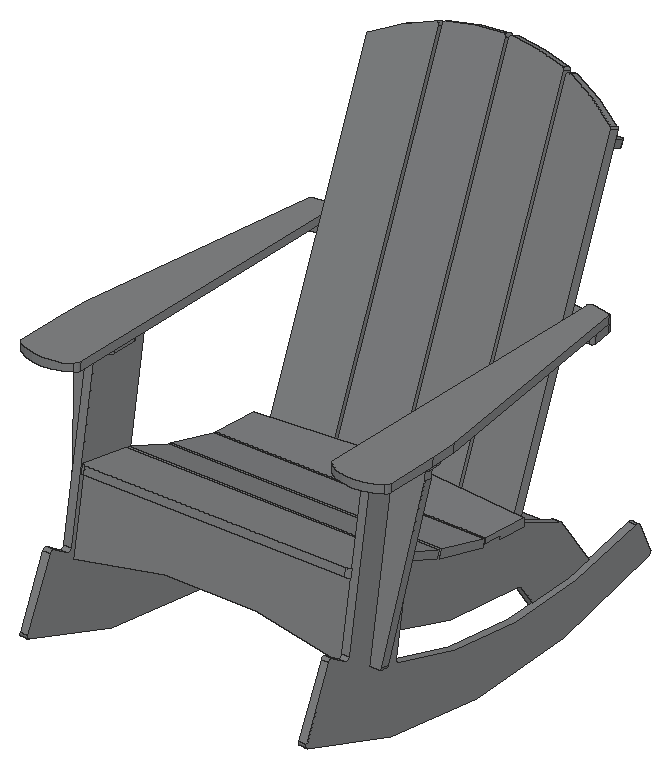
Revit family "Lollygagger Adirondack 4 Slat Curve Rocker", category Furniture, Revit 2016
Family settings
  OmniClass Number = 23.40.20.00
  OmniClass Title = General Furniture and Specialties
  Work Plane-Based = No
  Always vertical = Yes
  Cut with Voids When Loaded = No
  Shared = No
  Room Calculation Point = No
Parameters (values of type "Loll-Charcoal")
  Width = 35 195/256"  # constant formula
  URL = "https://lolldesigns.com/"
  Type Image = adirondack_4slat_curve_rocker.jpg
  Thick = 5/8"  # constant formula
  Model = ""
  Manufacturer = "Loll"  # constant formula
  Length = 30"  # constant formula
  Height Arm = 22 73/128"  # constant formula
  Finish Material = Loll-Charcoal
Reference planes (in)
  plane 1 "Center Front/Back": y = 0
  plane 2: z = 0
  plane 3 "Center Left/Right": x = 0
  plane 4: x = 15
  plane 5: x = -15
  plane 6: y = 17.37188
  plane 7: y = -18.38983
  plane 8: x = 11.625
  plane 9: x = -11.625
  plane 10: z = 22.57031
  plane 11: z = 21.94531
  plane 12: x = -11
  plane 13: x = 11
  plane 14: y = -15.06058
  plane 15: z = 21.32031
Forms (in)
  Extrusion 1, solid, material "Loll-Charcoal" <- "Finish Material"
    sketch origin (-0.01116, -13.34988, 10.61257) x (1, 0, 0) y (0, 0.173648, 0.984808)
      loop
        arc (-10.98884, -2.72346) -> (0.01116, -1.28585) -> (11.01116, -2.72346) r 42.80254
        line (11.01116, -2.72346) -> (11.01116, 3.5371) -> (10.60243, 3.5371)
        arc (10.60243, 3.5371) -> (0.23928, 3.3911) -> (-10.1239, 3.53585) r 369.44323
        line (-10.1239, 3.53585) -> (-10.98884, 3.53585) -> (-10.98884, -2.72346)
    from -0.625 to 0
  Extrusion 2, solid, material "Loll-Charcoal" <- "Finish Material"
    sketch origin (-10.26116, -10.90292, 10.12102) x (0, -0.93358, 0.358368) y (0, -0.358368, -0.93358)
      loop
        line (0.18208, -12.59564) -> (4.92196, -10.77617) -> (2.36278, 2.38964)
        arc (2.36278, 2.38964) -> (2.42634, 2.60889) -> (2.64152, 2.68511) r 0.25
        arc (2.64152, 2.68511) -> (3.44298, 2.56864) -> (4.24178, 2.43521) r 38.20866
        arc (4.24178, 2.43521) -> (4.43934, 2.48421) -> (4.53497, 2.6639) r 0.25
        line (4.53497, 2.6639) -> (4.91512, 8.10029)
        arc (4.91512, 8.10029) -> (4.85313, 8.2832) -> (4.6793, 8.36736) r 0.25
        arc (4.6793, 8.36736) -> (-12.83333, 5.91487) -> (-28.12672, -2.96314) r 46
        arc (-28.12672, -2.96314) -> (-28.21192, -3.14512) -> (-28.13566, -3.33102) r 0.25
        line (-28.13566, -3.33102) -> (-26.32851, -5.07616)
        arc (-26.32851, -5.07616) -> (-26.16325, -5.14618) -> (-25.99366, -5.08742) r 0.25
        arc (-25.99366, -5.08742) -> (-15.19106, 0.84015) -> (-3.06363, 3.0213) r 38.20866
        arc (-3.06363, 3.0213) -> (-2.90216, 2.96551) -> (-2.81422, 2.81904) r 0.25
        line (-2.81422, 2.81904) -> (0.18208, -12.59564)
    from -1.36384 to -0.73884
  Extrusion 3, solid, material "Loll-Charcoal" <- "Finish Material"
    sketch origin (-3.01116, -10.90292, 10.12102) x (0, -0.93358, 0.358368) y (0, -0.358368, -0.93358)
      loop
        line (0.18208, -12.59564) -> (4.92196, -10.77617) -> (2.36278, 2.38964)
        arc (2.36278, 2.38964) -> (2.42634, 2.60889) -> (2.64152, 2.68511) r 0.25
        arc (2.64152, 2.68511) -> (3.44298, 2.56864) -> (4.24178, 2.43521) r 38.20866
        arc (4.24178, 2.43521) -> (4.43934, 2.48421) -> (4.53497, 2.6639) r 0.25
        line (4.53497, 2.6639) -> (4.91512, 8.10029)
        arc (4.91512, 8.10029) -> (4.85313, 8.2832) -> (4.6793, 8.36736) r 0.25
        arc (4.6793, 8.36736) -> (-12.83333, 5.91487) -> (-28.12672, -2.96314) r 46
        arc (-28.12672, -2.96314) -> (-28.21192, -3.14512) -> (-28.13566, -3.33102) r 0.25
        line (-28.13566, -3.33102) -> (-26.32851, -5.07616)
        arc (-26.32851, -5.07616) -> (-26.16325, -5.14618) -> (-25.99366, -5.08742) r 0.25
        arc (-25.99366, -5.08742) -> (-15.19106, 0.84015) -> (-3.06363, 3.0213) r 38.20866
        arc (-3.06363, 3.0213) -> (-2.90216, 2.96551) -> (-2.81422, 2.81904) r 0.25
        line (-2.81422, 2.81904) -> (0.18208, -12.59564)
    from 14.01116 to 14.63616
  Extrusion 4, solid, material "Loll-Charcoal" <- "Finish Material"
    sketch origin (-9.63616, -1.7845, 5.66873) x (0, 0, 1) y (0, -1, 0)
      loop
        arc (2.90858, -10.06909) -> (2.96015, -10.02078) -> (2.99615, -9.95997) r 0.25
        line (2.99615, -9.95997) -> (4.42342, -6.51424)
        arc (4.42342, -6.51424) -> (4.43738, -6.47055) -> (4.44388, -6.42515) r 0.275
        line (4.44388, -6.42515) -> (4.68857, -2.26514) -> (5.9015, 2.34307) -> (7.61415, 6.73218)
        arc (7.61415, 6.73218) -> (7.62285, 6.75824) -> (7.6289, 6.78503) r 0.275
        line (7.6289, 6.78503) -> (8.20566, 10.10173) -> (8.14208, 10.11295)
        arc (8.14208, 10.11295) -> (7.9807, 10.21575) -> (7.93929, 10.40256) r 0.25
        line (7.93929, 10.40256) -> (2.64594, 11.33592) -> (2.15266, 8.53834)
        arc (2.15266, 8.53834) -> (2.19407, 8.35154) -> (2.35544, 8.24873) r 0.25
        line (2.35544, 8.24873) -> (2.55949, 8.21275)
        arc (2.55949, 8.21275) -> (2.73481, 8.08762) -> (2.74776, 7.87261) r 0.25
        arc (2.74776, 7.87261) -> (0.75413, 1.15937) -> (0.08544, -5.81164) r 36.33366
        arc (0.08544, -5.81164) -> (0.05724, -5.9272) -> (-0.02117, -6.01665) r 0.25
        line (-0.02117, -6.01665) -> (-4.40464, -9.08599)
        arc (-4.40464, -9.08599) -> (-4.49143, -9.19322) -> (-4.50812, -9.33016) r 0.25
        arc (-4.50812, -9.33016) -> (-4.05493, -11.74316) -> (-3.47008, -14.12767) r 44.75
        arc (-3.47008, -14.12767) -> (-3.31379, -14.29666) -> (-3.08561, -14.26626) r 0.25
        line (-3.08561, -14.26626) -> (2.90858, -10.06909)
    from -1.36384 to -0.73884
  Extrusion 5, solid, material "Loll-Charcoal" <- "Finish Material"
    sketch origin (6.86384, -1.7845, 5.66873) x (0, 0, 1) y (0, -1, 0)
      loop
        arc (2.90858, -10.06909) -> (2.96015, -10.02078) -> (2.99615, -9.95997) r 0.25
        line (2.99615, -9.95997) -> (4.42342, -6.51424)
        arc (4.42342, -6.51424) -> (4.43738, -6.47055) -> (4.44388, -6.42515) r 0.275
        line (4.44388, -6.42515) -> (4.68857, -2.26514) -> (5.9015, 2.34307) -> (7.61415, 6.73218)
        arc (7.61415, 6.73218) -> (7.62285, 6.75824) -> (7.6289, 6.78503) r 0.275
        line (7.6289, 6.78503) -> (8.20566, 10.10173) -> (8.14208, 10.11295)
        arc (8.14208, 10.11295) -> (7.9807, 10.21575) -> (7.93929, 10.40256) r 0.25
        line (7.93929, 10.40256) -> (7.96099, 10.52566)
        arc (7.96099, 10.52566) -> (7.94028, 10.61906) -> (7.8596, 10.67047) r 0.125
        line (7.8596, 10.67047) -> (2.81246, 11.56041)
        arc (2.81246, 11.56041) -> (2.71905, 11.53971) -> (2.66765, 11.45902) r 0.125
        line (2.66765, 11.45902) -> (2.15266, 8.53834)
        arc (2.15266, 8.53834) -> (2.19407, 8.35154) -> (2.35544, 8.24873) r 0.25
        line (2.35544, 8.24873) -> (2.55949, 8.21275)
        arc (2.55949, 8.21275) -> (2.73481, 8.08762) -> (2.74776, 7.87261) r 0.25
        arc (2.74776, 7.87261) -> (0.75413, 1.15937) -> (0.08544, -5.81164) r 36.33366
        arc (0.08544, -5.81164) -> (0.05724, -5.9272) -> (-0.02117, -6.01665) r 0.25
        line (-0.02117, -6.01665) -> (-4.40464, -9.08599)
        arc (-4.40464, -9.08599) -> (-4.49143, -9.19322) -> (-4.50812, -9.33016) r 0.25
        arc (-4.50812, -9.33016) -> (-4.05493, -11.74316) -> (-3.47008, -14.12767) r 44.75
        arc (-3.47008, -14.12767) -> (-3.31379, -14.29666) -> (-3.08561, -14.26626) r 0.25
        line (-3.08561, -14.26626) -> (2.90858, -10.06909)
    from 3.51116 to 4.13616
  Extrusion 6, solid, material "Loll-Charcoal" <- "Finish Material"
    sketch origin (-0.01116, -1.68987, 10.73471) x (0, 0.967062, -0.25454) y (1, 0, 0)
      loop
        line (2.03906, -10.98884) -> (2.03906, 11.01494) -> (-2.41406, 11.01494) -> (-2.41406, -10.98884) -> (2.03906, -10.98884)
    from -0.625 to 0
  Extrusion 7, solid, material "Loll-Charcoal" <- "Finish Material"
    sketch origin (-0.01116, -6.22845, 12.18874) x (0, 0.93159, -0.363512) y (1, 0, 0)
      loop
        line (-2.41406, 11.01494) -> (-2.41406, -10.98884) -> (2.03906, -10.98884) -> (2.03906, 11.01494) -> (-2.41406, 11.01494)
    from -0.625 to 0
  Extrusion 8, solid, material "Loll-Charcoal" <- "Finish Material"
    sketch origin (-0.01116, -11.05792, 14.17441) x (1, 0, 0) y (0, 0.985215, -0.171324)
      loop
        line (-10.98141, 2.48875) -> (-10.98141, -1.72687)
        arc (-10.98141, -1.72687) -> (-10.87157, -1.99204) -> (-10.60641, -2.10187) r 0.375
        line (-10.60641, -2.10187) -> (10.63994, -2.10187)
        arc (10.63994, -2.10187) -> (10.90511, -1.99204) -> (11.01494, -1.72687) r 0.375
        line (11.01494, -1.72687) -> (11.01494, 2.48875) -> (-10.98141, 2.48875)
    from -0.625 to 0
  Extrusion 9, solid, material "Loll-Charcoal" <- "Finish Material"
    sketch origin (11.80559, -10.70952, 14.60299) x (-1, 0, 0) y (0, -0.173654, -0.984807)
      loop
        line (-2.42879, -6.11495) -> (-2.42879, -7.09069) -> (0.18059, -7.09069) -> (0.18059, 7.50264) -> (-0.60844, 7.50264)
        arc (-0.60844, 7.50264) -> (-0.77452, 7.4395) -> (-0.85671, 7.28198) r 0.25
        line (-0.85671, 7.28198) -> (-2.42879, -6.11495)
    from -0.625 to 0
  Extrusion 10, solid, material "Loll-Charcoal" <- "Finish Material"
    sketch origin (-11.8279, -10.09402, 14.49446) x (1, 0, 0) y (0, -0.173654, -0.984807)
      loop
        line (-2.40641, -6.11788) -> (-2.40641, -7.09069) -> (0.2029, -7.09069) -> (0.2029, 7.50264) -> (-0.56369, 7.50264)
        arc (-0.56369, 7.50264) -> (-0.72976, 7.4395) -> (-0.81196, 7.28198) r 0.25
        line (-0.81196, 7.28198) -> (-2.40641, -6.11788)
    from -0.625 to 0
  Extrusion 11, solid, material "Loll-Charcoal" <- "Finish Material"
    sketch origin (-0.32366, -3.77232, 7.45771) x (0, -0.983508, 0.180862) y (0, 0.180862, 0.983508)
      loop
        line (-10.13393, 0.73061) -> (9.36399, 1.20753) -> (9.38788, 4.46594) -> (5.78072, 4.5009) -> (1.14294, 3.60814) -> (-3.66736, 3.24423) -> (-6.02941, 3.5365) -> (-9.17159, 2.86402) -> (-9.21397, 3.06204)
        arc (-9.21397, 3.06204) -> (-9.26827, 3.14081) -> (-9.36236, 3.15811) r 0.125
        line (-9.36236, 3.15811) -> (-10.59691, 2.8939) -> (-10.13393, 0.73061)
    from -0.625 to 0
  Extrusion 12, solid, material "Loll-Charcoal" <- "Finish Material"
    sketch origin (-0.01116, 6.63302, 8.9493) x (1, 0, 0) y (0, 0.92388, -0.382683)
      loop
        line (-10.36384, 1.6522) -> (-10.36384, -1.84834) -> (-9.96831, -1.84834) -> (-10.01252, -1.5133) -> (-5.24137, -0.88381) -> (-5.22345, -1.01957) -> (-4.9342, -0.99807) -> (-4.94006, -0.8667) -> (-0.13236, -0.65195) -> (-0.12634, -0.78676) -> (0.14865, -0.78676) -> (0.14865, -0.65168) -> (4.96238, -0.86671) -> (4.95651, -0.99807) -> (5.24577, -1.01957) -> (5.26387, -0.88276) -> (10.05295, -1.51664) -> (10.00904, -1.84834) -> (10.38994, -1.84834) -> (10.38994, 1.6522) -> (-10.36384, 1.6522)
    from -0.625 to 0
  Extrusion 13, solid, material "Loll-Charcoal" <- "Finish Material"
    sketch origin (-11.34614, -2.61914, 21.94531) x (1, 0, 0) y (0, -1, 0)
      loop
        arc (0.40905, 5.1225) -> (0.58554, 5.1956) -> (0.65864, 5.37209) r 0.24959
        line (0.65864, 5.37209) -> (0.65864, 7.3725)
        arc (0.65864, 7.3725) -> (0.58542, 7.54928) -> (0.40864, 7.6225) r 0.25
        line (0.40864, 7.6225) -> (-2.20067, 7.6225)
        arc (-2.20067, 7.6225) -> (-2.81939, 7.36622) -> (-3.07567, 6.7475) r 0.875
        line (-3.07567, 6.7475) -> (-3.07567, 5.9975)
        arc (-3.07567, 5.9975) -> (-2.81939, 5.37878) -> (-2.20067, 5.1225) r 0.875
        line (-2.20067, 5.1225) -> (0.40905, 5.1225)
      loop
        circle (-1.59144, 5.74772) r 0.15505
    from 0.625 to 0
  Extrusion 14, solid, material "Loll-Charcoal" <- "Finish Material"
    sketch origin (11.34614, -2.61914, 21.94531) x (1, 0, 0) y (0, -1, 0)
      loop
        line (-0.40909, 5.1225) -> (2.21632, 5.1225)
        arc (2.21632, 5.1225) -> (2.83504, 5.37878) -> (3.09132, 5.9975) r 0.875
        line (3.09132, 5.9975) -> (3.09132, 6.7475)
        arc (3.09132, 6.7475) -> (2.83504, 7.36622) -> (2.21632, 7.6225) r 0.875
        line (2.21632, 7.6225) -> (-0.40868, 7.6225)
        arc (-0.40868, 7.6225) -> (-0.58546, 7.54928) -> (-0.65868, 7.3725) r 0.25
        line (-0.65868, 7.3725) -> (-0.65868, 5.37209)
        arc (-0.65868, 5.37209) -> (-0.58558, 5.1956) -> (-0.40909, 5.1225) r 0.24959
      loop
        circle (1.60863, 5.74999) r 0.15505
    from 0.625 to 0
  Extrusion 15, solid, material "Loll-Charcoal" <- "Finish Material"
    sketch origin (-0.51116, 15.95972, 31.87976) x (0, 0.925174, -0.379544) y (1, 0, 0)
      loop
        line (-1.30533, -9.15288) -> (0.45045, -8.84329)
        spline (0.45045, -8.84329) -> (0.47612, -8.83735) -> (0.50102, -8.82875) -> (0.52487, -8.81758) -> (0.54742, -8.80395) -> (0.56841, -8.78803) -> (0.5876, -8.76999) -> (0.6048, -8.75003) -> (0.61979, -8.72837) -> (0.63243, -8.70526) -> (0.64256, -8.68094) -> (0.65007, -8.65569) -> (0.65489, -8.62979)
        line (0.65489, -8.62979) -> (1.14847, -4.88877) -> (1.38967, 0.51108) -> (1.14847, 5.91094) -> (0.65489, 9.65196)
        spline (0.65489, 9.65196) -> (0.65007, 9.67786) -> (0.64256, 9.7031) -> (0.63243, 9.72742) -> (0.61979, 9.75054) -> (0.6048, 9.7722) -> (0.5876, 9.79216) -> (0.56841, 9.8102) -> (0.54742, 9.82612) -> (0.52487, 9.83974) -> (0.50102, 9.85092) -> (0.47612, 9.85952) -> (0.45045, 9.86546)
        line (0.45045, 9.86546) -> (-1.30531, 10.17505) -> (-0.72328, 5.76368) -> (-0.90923, 5.73914) -> (-0.90477, 5.70537) -> (-0.89354, 5.45401) -> (-0.70618, 5.46238) -> (-0.49143, 0.65467) -> (-0.67879, 0.6463) -> (-0.67275, 0.51108) -> (-0.67879, 0.37601) -> (-0.49143, 0.36764) -> (-0.70618, -4.44006) -> (-0.89354, -4.4317) -> (-0.90477, -4.6832) -> (-0.90899, -4.71519) -> (-0.72307, -4.73972) -> (-1.30533, -9.15288)
    from -0.625 to 0
  Extrusion 16, solid, material "Loll-Charcoal" <- "Finish Material"
    sketch origin (-0.01116, 11.36775, 18.82983) x (0, -1, 0) y (1, 0, 0)
      loop
        line (-1.43384, -5.4082) -> (-0.49705, -11.96799)
        arc (-0.49705, -11.96799) -> (-0.42615, -12.10962) -> (-0.28436, -12.18022) r 0.25
        line (-0.28436, -12.18022) -> (1.28457, -12.40072)
        arc (1.28457, -12.40072) -> (1.48337, -12.34183) -> (1.56936, -12.15315) r 0.25
        line (1.56936, -12.15315) -> (1.56936, -11.83852) -> (1.35817, -11.86868) -> (0.96821, -9.13802) -> (0.19758, -9.24807) -> (-0.19957, -6.46703) -> (0.57106, -6.35698) -> (0.40766, -5.21275) -> (0.34715, -3.96137) -> (-0.43401, -3.99914) -> (-0.56883, -1.21109) -> (0.21233, -1.17331) -> (0.15505, 0.01116) -> (0.21233, 1.19562) -> (-0.56883, 1.2334) -> (-0.43401, 4.02146) -> (0.34715, 3.98368) -> (0.40766, 5.23506) -> (0.57106, 6.37929) -> (-0.19957, 6.48934) -> (0.19758, 9.27038) -> (0.96821, 9.16033) -> (1.35817, 11.89099) -> (1.56936, 11.86083) -> (1.56936, 12.17546)
        arc (1.56936, 12.17546) -> (1.48337, 12.36414) -> (1.28457, 12.42303) r 0.25
        line (1.28457, 12.42303) -> (-0.28431, 12.20254)
        arc (-0.28431, 12.20254) -> (-0.4261, 12.13194) -> (-0.49701, 11.99031) r 0.25
        line (-0.49701, 11.99031) -> (-1.43386, 5.43001) -> (-1.6959, 0.01116) -> (-1.43384, -5.4082)
    from 2.49048 to 3.11548
  Extrusion 17, solid, material "Loll-Charcoal" <- "Finish Material"
    sketch origin (-0.01116, -13.60116, 11.11949) x (1, 0, 0) y (0, 0.173648, 0.984808)
      loop
        arc (0.875, 0.0097) -> (1.875, 1.0097) -> (0.875, 2.0097) r 1
        line (0.875, 2.0097) -> (0.3125, 2.0097) -> (0.3125, 0.0097) -> (0.875, 0.0097)
      loop
        circle (1.26436, 1.00795) r 0.15472
    from -1.58549 to -0.96049
  Extrusion 18, solid, material "Loll-Charcoal" <- "Finish Material"
    sketch origin (-9.94866, -13.73921, 10.28714) x (1, 0, 0) y (0, 0.173648, 0.984808)
      loop
        arc (0.13616, -0.22284) -> (1.13616, 0.77716) -> (0.13616, 1.77716) r 1
        line (0.13616, 1.77716) -> (-0.42634, 1.77716) -> (-0.42634, -0.22284) -> (0.13616, -0.22284)
      loop
        circle (0.50886, 0.77295) r 0.15472
    from -1.5769 to -0.95239
  Extrusion 19, solid, material "Loll-Charcoal" <- "Finish Material"
    sketch origin (9.92501, -13.46935, 11.81758) x (-1, 0, 0) y (0, -0.173648, -0.984808)
      loop
        arc (0.09505, -0.22284) -> (1.09505, 0.77716) -> (0.09505, 1.77716) r 1
        line (0.09505, 1.77716) -> (-0.44999, 1.77716) -> (-0.44999, -0.22284) -> (0.09505, -0.22284)
      loop
        circle (0.46775, 0.77295) r 0.15472
    from -1.5769 to -0.95239
  Extrusion 20, solid, material "Loll-Charcoal" <- "Finish Material"
    sketch origin (6.86384, -1.7845, 5.66873) x (0, 0, 1) y (0, -1, 0)
      loop
        arc (2.92301, -7.64755) -> (1.99627, -7.05545) -> (1.08607, -7.67268) r 1
        line (1.08607, -7.67268) -> (0.79905, -8.36559)
        arc (0.79905, -8.36559) -> (0.79905, -8.46126) -> (0.8667, -8.52891) r 0.125
        line (0.8667, -8.52891) -> (2.31026, -9.12685) -> (2.92301, -7.64755)
      loop
        circle (2.15359, -7.7085) r 0.15501
    from 2.88616 to 3.51116
  Extrusion 21, solid, material "Loll-Charcoal" <- "Finish Material"
    sketch origin (-6.86384, -1.7845, 5.66873) x (0, 0, 1) y (0, 1, 0)
      loop
        circle (2.1541, 7.70991) r 0.15501
      loop
        line (2.31026, 9.12685) -> (0.8667, 8.52891)
        arc (0.8667, 8.52891) -> (0.79905, 8.46126) -> (0.79905, 8.36559) r 0.125
        line (0.79905, 8.36559) -> (1.08607, 7.67268)
        arc (1.08607, 7.67268) -> (1.99627, 7.05545) -> (2.92301, 7.64755) r 1
        line (2.92301, 7.64755) -> (2.31026, 9.12685)
    from 2.88616 to 3.51116
  Extrusion 22, solid, material "Loll-Charcoal" <- "Finish Material"
    sketch origin (0.7958, 5.17068, 5.34925) x (-1, 0, 0) y (0, 0.92388, -0.382683)
      loop
        line (0.49446, -0.54077) -> (0.49446, 0.6875) -> (-1.2517, 0.6875) -> (-1.2517, 0.125)
        arc (-1.2517, 0.125) -> (-0.60796, -0.80939) -> (0.49446, -0.54077) r 1
      loop
        circle (-0.24891, -0.2537) r 0.15386
    from -3.26062 to -2.63562
  Extrusion 23, solid, material "Loll-Charcoal" <- "Finish Material"
    sketch origin (-0.01116, -11.24755, 11.77615) x (1, 0, 0) y (0, 0.985215, -0.171324)
      loop
        line (-10.36384, 1.5109) -> (-10.36384, -0.4891) -> (-9.80134, -0.4891)
        arc (-9.80134, -0.4891) -> (-8.80134, 0.5109) -> (-9.80134, 1.5109) r 1
        line (-9.80134, 1.5109) -> (-10.36384, 1.5109)
      loop
        circle (-9.42133, 0.51062) r 0.15521
    from 1.1453 to 1.7703
  Extrusion 24, solid, material "Loll-Charcoal" <- "Finish Material"
    sketch origin (0.01116, -11.24755, 11.77615) x (-1, 0, 0) y (0, -0.985215, 0.171324)
      loop
        line (-10.36384, -1.5109) -> (-9.84245, -1.5109)
        arc (-9.84245, -1.5109) -> (-8.84245, -0.5109) -> (-9.84245, 0.4891) r 1
        line (-9.84245, 0.4891) -> (-10.36384, 0.4891) -> (-10.36384, -1.5109)
      loop
        circle (-9.46244, -0.51062) r 0.15521
    from 1.1453 to 1.7703
  Extrusion 25, solid, material "Loll-Charcoal" <- "Finish Material"
    sketch origin (-0.01116, -7.48233, 9.49115) x (0, 0.93159, -0.363512) y (1, 0, 0)
      loop
        line (1, 9.84245) -> (1, 10.38616) -> (-1, 10.38616) -> (-1, 9.84245)
        arc (-1, 9.84245) -> (0, 8.84245) -> (1, 9.84245) r 1
      loop
        circle (-0.00076, 9.46767) r 0.15471
    from -2.96884 to -2.34384
  Extrusion 26, solid, material "Loll-Charcoal" <- "Finish Material"
    sketch origin (0.01116, -7.48233, 9.49115) x (0, 0.93159, -0.363512) y (1, 0, 0)
      loop
        arc (1, -9.80134) -> (0, -8.80134) -> (-1, -9.80134) r 1
        line (-1, -9.80134) -> (-1, -10.38616) -> (1, -10.38616) -> (1, -9.80134)
      loop
        circle (-0.00076, -9.42656) r 0.15471
    from -2.96884 to -2.34384
  Extrusion 27, solid, material "Loll-Charcoal" <- "Finish Material"
    sketch origin (-0.01116, -2.64759, 7.83271) x (0, 0.967062, -0.25454) y (1, 0, 0)
      loop
        line (-1, 10.38237) -> (-1, 9.83867)
        arc (-1, 9.83867) -> (0, 8.83867) -> (1, 9.83867) r 1
        line (1, 9.83867) -> (1, 10.38237) -> (-1, 10.38237)
      loop
        circle (-0.00006, 9.464) r 0.15572
    from -3.0502 to -2.4252
  Extrusion 28, solid, material "Loll-Charcoal" <- "Finish Material"
    sketch origin (0.01116, -2.64759, 7.83271) x (0, 0.967062, -0.25454) y (1, 0, 0)
      loop
        line (-1, -10.38616) -> (1, -10.38616) -> (1, -9.80513)
        arc (1, -9.80513) -> (0, -8.80513) -> (-1, -9.80513) r 1
        line (-1, -9.80513) -> (-1, -10.38616)
      loop
        circle (-0.00006, -9.43047) r 0.15572
    from -3.0502 to -2.4252
  Extrusion 29, solid, material "Loll-Charcoal" <- "Finish Material"
    sketch origin (-0.01116, 2.74141, 7.7616) x (0, 0.998275, -0.058719) y (1, 0, 0)
      loop
        line (-1.33687, -9.80134) -> (-1.33687, -10.36384) -> (0.66313, -10.36384) -> (0.66313, -9.80134)
        arc (0.66313, -9.80134) -> (-0.33687, -8.80134) -> (-1.33687, -9.80134) r 1
      loop
        circle (-0.33658, -9.42784) r 0.15482
    from -2.27098 to -1.64598
  Extrusion 30, solid, material "Loll-Charcoal" <- "Finish Material"
    sketch origin (0.01116, 2.74141, 7.7616) x (0, 0.998275, -0.058719) y (1, 0, 0)
      loop
        arc (-1.33687, 9.84245) -> (-0.33687, 8.84245) -> (0.66313, 9.84245) r 1
        line (0.66313, 9.84245) -> (0.66313, 10.36384) -> (-1.33687, 10.36384) -> (-1.33687, 9.84245)
      loop
        circle (-0.33658, 9.46895) r 0.15482
    from -2.27098 to -1.64598
  Extrusion 31, solid, material "Loll-Charcoal" <- "Finish Material"
    sketch origin (0, 2.81253, 10.03232) x (0, 0.998275, -0.058719) y (1, 0, 0)
      loop
        line (-2.17774, 11) -> (-2.17774, -11) -> (1.64737, -11)
        arc (1.64737, -11) -> (2.66417, 0) -> (1.64737, 11) r 60.00838
        line (1.64737, 11) -> (-2.17774, 11)
    from -0.64718 to 0
  Extrusion 32, solid, material "Loll-Charcoal" <- "Finish Material"
    sketch origin (0, 7.13016, 6.65013) x (-1, 0, 0) y (0, 0.382683, 0.92388)
      loop
        line (-10.25, -1.62859) -> (10.625, -1.62859)
        arc (10.625, -1.62859) -> (10.71339, -1.59198) -> (10.75, -1.50359) r 0.125
        line (10.75, -1.50359) -> (10.75, 1.30891) -> (-10.375, 1.30891) -> (-10.375, -1.50359)
        arc (-10.375, -1.50359) -> (-10.33839, -1.59198) -> (-10.25, -1.62859) r 0.125
    from -0.625 to 0
  Extrusion 33, solid, material "Loll-Charcoal" <- "Finish Material"
    sketch origin (7.55635, 10.4365, 22.88286) x (0, 0.382683, 0.92388) y (-0.991408, 0.120848, -0.050057)
      loop
        line (-14.95346, -2.40625) -> (11.88549, -2.40625)
        arc (11.88549, -2.40625) -> (12.00104, -2.37501) -> (12.08882, -2.29364) r 0.25
        arc (12.08882, -2.29364) -> (13.2834, -0.17782) -> (14.18213, 2.0796) r 18
        arc (14.18213, 2.0796) -> (14.1462, 2.30342) -> (13.94415, 2.40619) r 0.25
        line (13.94415, 2.40619) -> (-14.95346, 2.40625) -> (-14.95346, -2.40625)
    from -0.625 to 0
  Extrusion 34, solid, material "Loll-Charcoal" <- "Finish Material"
    sketch origin (7.55635, 10.4365, 22.88286) x (0, 0.382683, 0.92388) y (-0.991408, 0.120848, -0.050057)
      loop
        arc (10.60904, -0.875) -> (10.69743, -0.83839) -> (10.73404, -0.75) r 0.125
        line (10.73404, -0.75) -> (10.73404, 1)
        arc (10.73404, 1) -> (10.69743, 1.08839) -> (10.60904, 1.125) r 0.125
        line (10.60904, 1.125) -> (9.85904, 1.125)
        arc (9.85904, 1.125) -> (8.85904, 0.125) -> (9.85904, -0.875) r 1
        line (9.85904, -0.875) -> (10.60904, -0.875)
      loop
        circle (9.48203, 0.13154) r 0.15441
    from -1.25 to -0.625
  Extrusion 35, solid, material "Loll-Charcoal" <- "Finish Material"
    sketch origin (7.55635, 10.4365, 22.88286) x (0, 0.382683, 0.92388) y (-0.991408, 0.120848, -0.050057)
      loop
        arc (-0.67041, -1.52464) -> (-0.48993, -1.46109) -> (-0.40725, -1.28853) r 0.25
        line (-0.40725, -1.28853) -> (-0.28554, 0.95817)
        arc (-0.28554, 0.95817) -> (-0.34909, 1.13865) -> (-0.52165, 1.22133) r 0.25
        line (-0.52165, 1.22133) -> (-1.89463, 1.29571)
        arc (-1.89463, 1.29571) -> (-2.52631, 1.07328) -> (-2.81569, 0.46933) r 0.875
        line (-2.81569, 0.46933) -> (-2.86978, -0.52921)
        arc (-2.86978, -0.52921) -> (-2.64735, -1.16089) -> (-2.0434, -1.45026) r 0.875
        line (-2.0434, -1.45026) -> (-0.67041, -1.52464)
      loop
        circle (-2.34478, -0.05397) r 0.14956
    from -1.25 to -0.625
  Extrusion 36, solid, material "Loll-Charcoal" <- "Finish Material"
    sketch origin (-7.55635, 10.4365, 22.88286) x (0, 0.382683, 0.92388) y (-0.991408, -0.120848, 0.050057)
      loop
        line (-14.95346, 2.40625) -> (-14.95346, -2.40625) -> (13.94415, -2.40619)
        arc (13.94415, -2.40619) -> (14.1462, -2.30342) -> (14.18213, -2.0796) r 0.25
        arc (14.18213, -2.0796) -> (13.2834, 0.17782) -> (12.08882, 2.29364) r 18
        arc (12.08882, 2.29364) -> (12.00104, 2.37501) -> (11.88549, 2.40625) r 0.25
        line (11.88549, 2.40625) -> (-14.95346, 2.40625)
    from -0.625 to 0
  Extrusion 37, solid, material "Loll-Charcoal" <- "Finish Material"
    sketch origin (-7.55635, 10.4365, 22.88286) x (0, 0.382683, 0.92388) y (-0.991408, -0.120848, 0.050057)
      loop
        line (10.60904, 0.875) -> (9.85904, 0.875)
        arc (9.85904, 0.875) -> (8.85904, -0.125) -> (9.85904, -1.125) r 1
        line (9.85904, -1.125) -> (10.60904, -1.125)
        arc (10.60904, -1.125) -> (10.69743, -1.08839) -> (10.73404, -1) r 0.125
        line (10.73404, -1) -> (10.73404, 0.75)
        arc (10.73404, 0.75) -> (10.69743, 0.83839) -> (10.60904, 0.875) r 0.125
      loop
        circle (9.48203, -0.13154) r 0.15441
    from -1.25 to -0.625
  Extrusion 38, solid, material "Loll-Charcoal" <- "Finish Material"
    sketch origin (-7.55635, 10.4365, 22.88286) x (0, 0.382683, 0.92388) y (-0.991408, -0.120848, 0.050057)
      loop
        line (-0.67041, 1.52464) -> (-2.0434, 1.45026)
        arc (-2.0434, 1.45026) -> (-2.64735, 1.16089) -> (-2.86978, 0.52921) r 0.875
        line (-2.86978, 0.52921) -> (-2.81569, -0.46933)
        arc (-2.81569, -0.46933) -> (-2.52631, -1.07328) -> (-1.89463, -1.29571) r 0.875
        line (-1.89463, -1.29571) -> (-0.52165, -1.22133)
        arc (-0.52165, -1.22133) -> (-0.34909, -1.13865) -> (-0.28554, -0.95817) r 0.25
        line (-0.28554, -0.95817) -> (-0.40725, 1.28853)
        arc (-0.40725, 1.28853) -> (-0.48993, 1.46109) -> (-0.67041, 1.52464) r 0.25
      loop
        circle (-2.34478, 0.05397) r 0.14956
    from -1.25 to -0.625
  Extrusion 39, solid, material "Loll-Charcoal" <- "Finish Material"
    sketch origin (2.54737, 11.41476, 22.47766) x (-0.999004, 0.041227, -0.017077) y (0, 0.382683, 0.92388)
      loop
        arc (2.16579, 15.04233) -> (-0.04942, 14.86118) -> (-2.22541, 14.40839) r 17.99851
        arc (-2.22541, 14.40839) -> (-2.35696, 14.32035) -> (-2.40903, 14.17086) r 0.24944
        line (-2.40903, 14.17086) -> (-2.40903, -14.95346) -> (2.4118, -14.95346) -> (2.4118, 14.79632)
        arc (2.4118, 14.79632) -> (2.33974, 14.97027) -> (2.16579, 15.04233) r 0.24601
    from -0.625 to 0
  Extrusion 40, solid, material "Loll-Charcoal" <- "Finish Material"
    sketch origin (2.54737, 11.41476, 22.47766) x (-0.999004, 0.041227, -0.017077) y (0, 0.382683, 0.92388)
      loop
        line (-1, 10.60904) -> (-1, 9.85904)
        arc (-1, 9.85904) -> (0, 8.85904) -> (1, 9.85904) r 1
        line (1, 9.85904) -> (1, 10.60904)
        arc (1, 10.60904) -> (0.96339, 10.69743) -> (0.875, 10.73404) r 0.125
        line (0.875, 10.73404) -> (-0.875, 10.73404)
        arc (-0.875, 10.73404) -> (-0.96339, 10.69743) -> (-1, 10.60904) r 0.125
      loop
        circle (-0.0021, 9.48411) r 0.15536
    from 0 to 0.625
  Extrusion 41, solid, material "Loll-Charcoal" <- "Finish Material"
    sketch origin (2.54938, 6.96239, 11.72893) x (-0.999004, 0.041227, -0.017077) y (0, 0.382683, 0.92388)
      loop
        circle (-0.00142, 9.47604) r 0.14964
      loop
        line (1.08708, 11.49838) -> (-1.16253, 11.45679)
        arc (-1.16253, 11.45679) -> (-1.33793, 11.38032) -> (-1.40787, 11.20222) r 0.25
        line (-1.40787, 11.20222) -> (-1.38246, 9.82745)
        arc (-1.38246, 9.82745) -> (-1.11478, 9.21358) -> (-0.49143, 8.96877) r 0.875
        line (-0.49143, 8.96877) -> (0.50839, 8.98725)
        arc (0.50839, 8.98725) -> (1.12227, 9.25493) -> (1.36707, 9.87828) r 0.875
        line (1.36707, 9.87828) -> (1.34166, 11.25304)
        arc (1.34166, 11.25304) -> (1.26518, 11.42844) -> (1.08708, 11.49838) r 0.25
    from 0 to 0.625
  Extrusion 42, solid, material "Loll-Charcoal" <- "Finish Material"
    sketch origin (-2.54737, 11.41476, 22.47766) x (0.999004, 0.041227, -0.017077) y (0, -0.382683, -0.92388)
      loop
        arc (2.16579, -15.04233) -> (2.33974, -14.97027) -> (2.4118, -14.79632) r 0.24601
        line (2.4118, -14.79632) -> (2.4118, 14.95346) -> (-2.40903, 14.95346) -> (-2.40903, -14.17086)
        arc (-2.40903, -14.17086) -> (-2.35696, -14.32035) -> (-2.22541, -14.40839) r 0.24944
        arc (-2.22541, -14.40839) -> (-0.04942, -14.86118) -> (2.16579, -15.04233) r 17.99851
    from -0.625 to 0
  Extrusion 43, solid, material "Loll-Charcoal" <- "Finish Material"
    sketch origin (-2.54737, 11.41476, 22.47766) x (0.999004, 0.041227, -0.017077) y (0, -0.382683, -0.92388)
      loop
        arc (-1, -10.60904) -> (-0.96339, -10.69743) -> (-0.875, -10.73404) r 0.125
        line (-0.875, -10.73404) -> (0.875, -10.73404)
        arc (0.875, -10.73404) -> (0.96339, -10.69743) -> (1, -10.60904) r 0.125
        line (1, -10.60904) -> (1, -9.85904)
        arc (1, -9.85904) -> (0, -8.85904) -> (-1, -9.85904) r 1
        line (-1, -9.85904) -> (-1, -10.60904)
      loop
        circle (-0.0021, -9.48411) r 0.15536
    from 0 to 0.625
  Extrusion 44, solid, material "Loll-Charcoal" <- "Finish Material"
    sketch origin (-2.54938, 6.96239, 11.72893) x (0.999004, 0.041227, -0.017077) y (0, -0.382683, -0.92388)
      loop
        circle (-0.00142, -9.47604) r 0.14964
      loop
        arc (1.08708, -11.49838) -> (1.26518, -11.42844) -> (1.34166, -11.25304) r 0.25
        line (1.34166, -11.25304) -> (1.36707, -9.87828)
        arc (1.36707, -9.87828) -> (1.12227, -9.25493) -> (0.50839, -8.98725) r 0.875
        line (0.50839, -8.98725) -> (-0.49143, -8.96877)
        arc (-0.49143, -8.96877) -> (-1.11478, -9.21358) -> (-1.38246, -9.82745) r 0.875
        line (-1.38246, -9.82745) -> (-1.40787, -11.20222)
        arc (-1.40787, -11.20222) -> (-1.33793, -11.38032) -> (-1.16253, -11.45679) r 0.25
        line (-1.16253, -11.45679) -> (1.08708, -11.49838)
    from 0 to 0.625
  Extrusion 45, solid, material "Loll-Charcoal" <- "Finish Material"
    sketch origin (-12.15139, -1.88359, 22.57031) x (0, -1, 0) y (1, 0, 0)
      loop
        line (-13.70548, 22.41191) -> (12.08907, 22.41191)
        arc (12.08907, 22.41191) -> (12.31991, 22.46839) -> (12.4986, 22.62507) r 0.5
        arc (12.4986, 22.62507) -> (13.17706, 24.78381) -> (12.49006, 26.93985) r 3.75
        arc (12.49006, 26.93985) -> (12.31163, 27.09537) -> (12.08166, 27.15139) r 0.5
        line (12.08166, 27.15139) -> (7.87, 27.15139)
        arc (7.87, 27.15139) -> (6.75283, 27.12642) -> (5.63789, 27.05155) r 25
        arc (5.63789, 27.05155) -> (-3.98897, 25.94217) -> (-13.54732, 24.34678) r 191.32513
        arc (-13.54732, 24.34678) -> (-13.68097, 24.27372) -> (-13.74742, 24.13666) r 0.25
        line (-13.74742, 24.13666) -> (-13.95297, 22.69726)
        arc (-13.95297, 22.69726) -> (-13.89434, 22.49811) -> (-13.70548, 22.41191) r 0.25
    from -0.625 to 0
  Extrusion 46, solid, material "Loll-Charcoal" <- "Finish Material"
    sketch origin (12.15139, -1.88359, 22.57031) x (0, -1, 0) y (1, 0, 0)
      loop
        arc (-13.70548, -22.41191) -> (-13.89434, -22.49811) -> (-13.95297, -22.69726) r 0.25
        line (-13.95297, -22.69726) -> (-13.74742, -24.13666)
        arc (-13.74742, -24.13666) -> (-13.68097, -24.27372) -> (-13.54732, -24.34678) r 0.25
        arc (-13.54732, -24.34678) -> (-3.98897, -25.94217) -> (5.63789, -27.05155) r 191.32513
        arc (5.63789, -27.05155) -> (6.75283, -27.12642) -> (7.87, -27.15139) r 25
        line (7.87, -27.15139) -> (12.08166, -27.15139)
        arc (12.08166, -27.15139) -> (12.31163, -27.09537) -> (12.49006, -26.93985) r 0.5
        arc (12.49006, -26.93985) -> (13.17706, -24.78381) -> (12.4986, -22.62507) r 3.75
        arc (12.4986, -22.62507) -> (12.31991, -22.46839) -> (12.08907, -22.41191) r 0.5
        line (12.08907, -22.41191) -> (-13.70548, -22.41191)
    from -0.625 to 0
Lines and regions (in)
  Masking region 1
    outline origin (20.39075, 0, 8.91953) x (1, 0, 0) y (0, 0, 1)
      loop
        line (-30.41443, 13.02578) -> (-30.63294, 13.02578) -> (-30.63294, 13.65078) -> (-35.39075, 13.65078) -> (-35.39075, 13.02578) -> (-34.81256, 13.02578) -> (-34.81256, 12.40078) -> (-34.62508, 12.40078) -> (-34.62508, 11.70856) -> (-33.00884, -1.66625)
        spline (-33.00884, -1.66625) -> (-32.99777, -1.68759) -> (-32.98488, -1.70775) -> (-32.97027, -1.72656) -> (-32.95408, -1.74386) -> (-32.93645, -1.75949) -> (-32.91752, -1.77331) -> (-32.89746, -1.78522) -> (-32.87645, -1.79511) -> (-32.85466, -1.80289) -> (-32.83228, -1.8085) -> (-32.80951, -1.81188) -> (-32.78654, -1.81372)
        line (-32.78654, -1.81372) -> (-32.01575, -1.81372) -> (-32.01575, -8.91953) -> (-30.76575, -8.91953) -> (-30.76575, -3.7739) -> (-10.01575, -3.7739) -> (-10.01575, -8.91953) -> (-8.76575, -8.91953) -> (-8.76575, -1.8136) -> (-7.97686, -1.8136)
        spline (-7.97686, -1.8136) -> (-7.94857, -1.81211) -> (-7.92065, -1.80763) -> (-7.89345, -1.80023) -> (-7.86733, -1.79001) -> (-7.8426, -1.7771) -> (-7.81961, -1.76165) -> (-7.79863, -1.74388) -> (-7.77994, -1.724) -> (-7.76378, -1.70228) -> (-7.75035, -1.67899) -> (-7.73984, -1.65443) -> (-7.73236, -1.62892)
        line (-7.73236, -1.62892) -> (-6.15638, 11.59698) -> (-6.15638, 12.40078) -> (-5.96876, 12.40078) -> (-5.96876, 13.02578) -> (-5.39075, 13.02578) -> (-5.39075, 13.65078) -> (-10.12612, 13.65078) -> (-10.12612, 13.02578) -> (-10.36708, 13.02578) -> (-10.36708, 24.85987) -> (-10.47994, 25.16995)
        spline (-10.47994, 25.16995) -> (-10.48495, 25.17772) -> (-10.4903, 25.18528) -> (-10.49599, 25.19262) -> (-10.502, 25.19972) -> (-10.50832, 25.20657) -> (-10.51495, 25.21317) -> (-10.52187, 25.21949) -> (-10.52907, 25.22554) -> (-10.53655, 25.2313) -> (-10.54428, 25.23676) -> (-10.55226, 25.24192) -> (-10.56047, 25.24676)
        spline (-10.56047, 25.24676) -> (-10.89867, 25.43181) -> (-11.24167, 25.60948) -> (-11.58929, 25.77967) -> (-11.94135, 25.94229) -> (-12.29769, 26.09726) -> (-12.65811, 26.24451) -> (-13.02244, 26.38396) -> (-13.39049, 26.51554) -> (-13.76207, 26.63918) -> (-14.137, 26.75481) -> (-14.51509, 26.86239) -> (-14.89614, 26.96186)
        spline (-14.89614, 26.96186) -> (-14.93393, 26.9683) -> (-14.97265, 26.9691) -> (-15.01136, 26.96422) -> (-15.0491, 26.9538) -> (-15.08495, 26.93808) -> (-15.11803, 26.91746) -> (-15.14753, 26.89243) -> (-15.17272, 26.86361) -> (-15.19299, 26.83172) -> (-15.20783, 26.79753) -> (-15.21688, 26.76188) -> (-15.21998, 26.72564)
        line (-15.21998, 26.72564) -> (-15.21998, 23.88146) -> (-15.43953, 23.87774) -> (-15.43953, 26.71522) -> (-15.46464, 26.93037)
        spline (-15.46464, 26.93037) -> (-15.46641, 26.95508) -> (-15.47105, 26.97941) -> (-15.47849, 27.0031) -> (-15.48866, 27.02587) -> (-15.50143, 27.04745) -> (-15.51666, 27.06759) -> (-15.53418, 27.08606) -> (-15.55377, 27.10264) -> (-15.57521, 27.11715) -> (-15.59826, 27.12942) -> (-15.62264, 27.1393) -> (-15.64808, 27.14668)
        spline (-15.64808, 27.14668) -> (-16.00625, 27.22749) -> (-16.36627, 27.30142) -> (-16.728, 27.36845) -> (-17.09129, 27.42855) -> (-17.45598, 27.48169) -> (-17.82191, 27.52785) -> (-18.18892, 27.56701) -> (-18.55688, 27.59916) -> (-18.92561, 27.62428) -> (-19.29496, 27.64236) -> (-19.66478, 27.65339) -> (-20.03491, 27.65737)
        spline (-20.03491, 27.65737) -> (-20.06269, 27.65544) -> (-20.09012, 27.65062) -> (-20.11684, 27.64297) -> (-20.14252, 27.63259) -> (-20.16681, 27.61961) -> (-20.18941, 27.6042) -> (-20.21003, 27.58656) -> (-20.2284, 27.56692) -> (-20.24429, 27.54551) -> (-20.2575, 27.52263) -> (-20.26785, 27.49856) -> (-20.27521, 27.47362)
        line (-20.27521, 27.47362) -> (-20.27521, 23.79576) -> (-20.39082, 23.7938) -> (-20.50629, 23.79576) -> (-20.50629, 27.47362)
        spline (-20.50629, 27.47362) -> (-20.51366, 27.49856) -> (-20.52401, 27.52263) -> (-20.53721, 27.54551) -> (-20.5531, 27.56692) -> (-20.57148, 27.58656) -> (-20.5921, 27.6042) -> (-20.6147, 27.61961) -> (-20.63899, 27.63259) -> (-20.66466, 27.64297) -> (-20.69138, 27.65062) -> (-20.71881, 27.65544) -> (-20.7466, 27.65737)
        spline (-20.7466, 27.65737) -> (-21.11672, 27.65339) -> (-21.48654, 27.64236) -> (-21.85589, 27.62428) -> (-22.22462, 27.59916) -> (-22.59258, 27.56701) -> (-22.9596, 27.52785) -> (-23.32553, 27.48169) -> (-23.69021, 27.42855) -> (-24.0535, 27.36845) -> (-24.41523, 27.30142) -> (-24.77526, 27.22749) -> (-25.13342, 27.14668)
        spline (-25.13342, 27.14668) -> (-25.15886, 27.1393) -> (-25.18325, 27.12942) -> (-25.20629, 27.11715) -> (-25.22774, 27.10264) -> (-25.24733, 27.08606) -> (-25.26484, 27.06759) -> (-25.28007, 27.04745) -> (-25.29284, 27.02587) -> (-25.30301, 27.0031) -> (-25.31045, 26.97941) -> (-25.31509, 26.95508) -> (-25.31686, 26.93037)
        line (-25.31686, 26.93037) -> (-25.34197, 26.71522) -> (-25.34197, 23.87774) -> (-25.56152, 23.88146) -> (-25.56158, 26.72564)
        spline (-25.56158, 26.72564) -> (-25.56462, 26.76188) -> (-25.57368, 26.79752) -> (-25.58852, 26.83172) -> (-25.60878, 26.86361) -> (-25.63397, 26.89243) -> (-25.66347, 26.91746) -> (-25.69655, 26.93808) -> (-25.7324, 26.9538) -> (-25.77014, 26.96422) -> (-25.80885, 26.9691) -> (-25.84757, 26.9683) -> (-25.88536, 26.96186)
        spline (-25.88536, 26.96186) -> (-26.26641, 26.86239) -> (-26.6445, 26.75481) -> (-27.01943, 26.63918) -> (-27.39101, 26.51554) -> (-27.75906, 26.38396) -> (-28.12339, 26.24451) -> (-28.48381, 26.09726) -> (-28.84015, 25.94229) -> (-29.19221, 25.77967) -> (-29.53983, 25.60948) -> (-29.88283, 25.43181) -> (-30.22103, 25.24676)
        spline (-30.22103, 25.24676) -> (-30.22924, 25.24192) -> (-30.23722, 25.23676) -> (-30.24495, 25.2313) -> (-30.25243, 25.22554) -> (-30.25963, 25.2195) -> (-30.26655, 25.21317) -> (-30.27318, 25.20657) -> (-30.27951, 25.19972) -> (-30.28552, 25.19262) -> (-30.2912, 25.18528) -> (-30.29655, 25.17772) -> (-30.30156, 25.16995)
        line (-30.30156, 25.16995) -> (-30.41443, 24.85987) -> (-30.41443, 13.02578)
      loop
        line (-10.36708, 5.61498) -> (-9.76196, 5.61498)
        spline (-9.76196, 5.61498) -> (-9.71743, 5.61453) -> (-9.67352, 5.61317) -> (-9.63087, 5.61093) -> (-9.59007, 5.60784) -> (-9.5517, 5.60393) -> (-9.51631, 5.59928) -> (-9.4844, 5.59394) -> (-9.45642, 5.58798) -> (-9.43276, 5.5815) -> (-9.41376, 5.57459) -> (-9.39969, 5.56733) -> (-9.39075, 5.55985)
        line (-9.39075, 5.55985) -> (-9.39075, 12.40078) -> (-10.36708, 12.40078) -> (-10.36708, 5.61498)
      loop
        line (-31.39075, 12.40249) -> (-31.39075, 5.55985)
        spline (-31.39075, 5.55985) -> (-31.38181, 5.56733) -> (-31.36774, 5.57459) -> (-31.34874, 5.5815) -> (-31.32508, 5.58798) -> (-31.2971, 5.59394) -> (-31.26519, 5.59928) -> (-31.2298, 5.60393) -> (-31.19143, 5.60784) -> (-31.15064, 5.61093) -> (-31.10798, 5.61317) -> (-31.06408, 5.61453) -> (-31.01954, 5.61498)
        line (-31.01954, 5.61498) -> (-30.41443, 5.61498) -> (-30.41443, 12.40249) -> (-31.39075, 12.40249)
      loop
        line (-15.43953, 13.02578) -> (-15.21998, 13.02578) -> (-15.21998, 22.51673) -> (-15.43953, 22.51673) -> (-15.43953, 13.02578)
      loop
        line (-20.40191, 13.02578) -> (-20.27513, 13.02578) -> (-20.27513, 22.43475) -> (-20.39082, 22.43279) -> (-20.50638, 22.43475) -> (-20.50638, 13.02578) -> (-20.40191, 13.02578)
      loop
        line (-15.21998, 12.40249) -> (-15.43953, 12.40249) -> (-15.43953, 5.61498) -> (-15.21998, 5.61498) -> (-15.21998, 12.40249)
      loop
        line (-20.50638, 5.61498) -> (-20.27513, 5.61498) -> (-20.27513, 12.40249) -> (-20.50638, 12.40249) -> (-20.50638, 5.61498)
      loop
        line (-25.34197, 13.02578) -> (-25.34197, 22.51673) -> (-25.56152, 22.52045) -> (-25.56152, 13.02578) -> (-25.34197, 13.02578)
      loop
        line (-25.56152, 12.40249) -> (-25.56152, 5.61498) -> (-25.34197, 5.61498) -> (-25.34197, 12.40249) -> (-25.56152, 12.40249)
  Masking region 2
    outline origin (0, 0, 0) x (1, 0, 0) y (0, 1, 0)
      loop
        line (-0.00007, 17.48262) -> (-5.41555, 17.25947) -> (-9.14117, 16.8047)
        spline (-9.14117, 16.8047) -> (-9.16684, 16.79836) -> (-9.19209, 16.79141) -> (-9.21641, 16.78204) -> (-9.23953, 16.77035) -> (-9.26119, 16.75648) -> (-9.28115, 16.74057) -> (-9.29919, 16.72281) -> (-9.31511, 16.70339) -> (-9.32873, 16.68253) -> (-9.33991, 16.66046) -> (-9.34851, 16.63742) -> (-9.35445, 16.61368)
        line (-9.35445, 16.61368) -> (-9.56967, 15.48444)
        spline (-9.56967, 15.48444) -> (-9.59839, 15.47399) -> (-9.62707, 15.46353) -> (-9.65572, 15.45305) -> (-9.68434, 15.44255) -> (-9.71292, 15.43204) -> (-9.74147, 15.42151) -> (-9.76999, 15.41096) -> (-9.79846, 15.4004) -> (-9.82691, 15.38982) -> (-9.85532, 15.37922) -> (-9.88369, 15.36861) -> (-9.91203, 15.35798)
        spline (-9.91203, 15.35798) -> (-9.92826, 15.35151) -> (-9.9435, 15.34467) -> (-9.95765, 15.33751) -> (-9.97062, 15.33007) -> (-9.98233, 15.3224) -> (-9.9927, 15.31455) -> (-10.00167, 15.30657) -> (-10.00916, 15.29851) -> (-10.01515, 15.29043) -> (-10.01958, 15.28237) -> (-10.02243, 15.2744) -> (-10.02367, 15.26655)
        line (-10.02367, 15.26655) -> (-10.02367, 12.14625) -> (-10.375, 12.09607) -> (-10.375, 12.52698) -> (-11, 12.52698) -> (-11, 16.58113) -> (-11.625, 16.58113) -> (-11.625, 11.91756) -> (-11.99478, 11.86476)
        arc (-11.99478, 11.86476) -> (-12.13641, 11.79385) -> (-12.20701, 11.65206) r 0.25
        line (-12.20701, 11.65206) -> (-13.82617, 1.89281) -> (-15, -8.48741) -> (-15, -13.87474)
        arc (-15, -13.87474) -> (-14.96667, -14.15628) -> (-14.78738, -14.3759) r 0.50693
        arc (-14.78738, -14.3759) -> (-13.26932, -15.014) -> (-11.625, -14.92503) r 3.67458
        line (-11.625, -14.92503) -> (-11.625, -18.38983) -> (-11, -18.38983) -> (-11, -14.70253)
        arc (-11, -14.70253) -> (-10.73188, -14.55565) -> (-10.47684, -14.38707) r 3.68854
        arc (-10.47684, -14.38707) -> (-10.33304, -14.23814) -> (-10.26046, -14.04426) r 0.50893
        line (-10.26046, -14.04426) -> (-10.26046, -13.78904)
        spline (-10.26046, -13.78904) -> (-8.57606, -13.72302) -> (-6.87769, -13.66885) -> (-5.16813, -13.62662) -> (-3.45015, -13.5964) -> (-1.72655, -13.57823) -> (-0.00014, -13.57215) -> (1.72629, -13.57817) -> (3.44991, -13.59627) -> (5.16793, -13.62643) -> (6.87754, -13.66859) -> (8.57597, -13.7227) -> (10.26046, -13.78865)
        line (10.26046, -13.78865) -> (10.26046, -14.04426)
        arc (10.26046, -14.04426) -> (10.33304, -14.23814) -> (10.47684, -14.38707) r 0.50893
        arc (10.47684, -14.38707) -> (10.73188, -14.55565) -> (11, -14.70253) r 3.68854
        line (11, -14.70253) -> (11, -18.38983) -> (11.625, -18.38983) -> (11.625, -14.92503)
        arc (11.625, -14.92503) -> (13.27, -15.01388) -> (14.78851, -14.37508) r 3.67458
        arc (14.78851, -14.37508) -> (14.96694, -14.15564) -> (15, -13.87474) r 0.50687
        line (15, -13.87474) -> (15, -8.48741) -> (13.82624, 1.89281) -> (12.20701, 11.65206)
        arc (12.20701, 11.65206) -> (12.13641, 11.79385) -> (11.99478, 11.86476) r 0.25
        line (11.99478, 11.86476) -> (11.625, 11.91533) -> (11.625, 16.58113) -> (11, 16.58113) -> (11, 12.52698) -> (10.375, 12.52698) -> (10.375, 12.09607) -> (10.02367, 12.14625) -> (10.02367, 15.26655)
        spline (10.02367, 15.26655) -> (10.02243, 15.2744) -> (10.01958, 15.28237) -> (10.01515, 15.29043) -> (10.00916, 15.29851) -> (10.00167, 15.30657) -> (9.9927, 15.31455) -> (9.98233, 15.3224) -> (9.97062, 15.33007) -> (9.95765, 15.33751) -> (9.9435, 15.34467) -> (9.92826, 15.35151) -> (9.91203, 15.35797)
        spline (9.91203, 15.35797) -> (9.88369, 15.3686) -> (9.85532, 15.37922) -> (9.82691, 15.38981) -> (9.79846, 15.4004) -> (9.76999, 15.41096) -> (9.74147, 15.42151) -> (9.71292, 15.43204) -> (9.68434, 15.44255) -> (9.65572, 15.45305) -> (9.62707, 15.46353) -> (9.59839, 15.47399) -> (9.56967, 15.48444)
        line (9.56967, 15.48444) -> (9.35445, 16.61368)
        spline (9.35445, 16.61368) -> (9.34844, 16.63765) -> (9.33971, 16.6609) -> (9.32837, 16.68316) -> (9.31453, 16.70417) -> (9.29836, 16.72371) -> (9.28003, 16.74155) -> (9.25977, 16.75748) -> (9.23778, 16.77134) -> (9.21433, 16.78295) -> (9.18968, 16.79219) -> (9.1641, 16.79896) -> (9.1379, 16.80317)
        line (9.1379, 16.80317) -> (5.39979, 17.25947) -> (-0.00007, 17.48262)
      loop
        line (-5.17077, 12.81437) -> (-4.95122, 12.82498) -> (-4.95122, 15.13026) -> (-5.17077, 15.12119) -> (-5.17077, 12.81437)
      loop
        line (-4.95122, 8.15946) -> (-4.95122, 10.63411) -> (-5.17077, 10.62349) -> (-5.17077, 8.15946) -> (-4.95122, 8.15946)
      loop
        line (-10.2425, 8.15946) -> (-10.02367, 8.15946) -> (-10.02367, 9.93426) -> (-10.2425, 9.90301) -> (-10.2425, 8.15946)
      loop
        line (-0.11562, 15.29483) -> (-0.11562, 13.05788) -> (0.00177, 13.06372) -> (0.11562, 13.05808) -> (0.11562, 15.30412) -> (-0.11562, 15.29483)
      loop
        line (-0.11562, 10.86794) -> (-0.11562, 8.15946) -> (0.11562, 8.15946) -> (0.11562, 10.86794) -> (0, 10.87353) -> (-0.11562, 10.86794)
      loop
        line (-0.32366, 0.63855) -> (-10.25812, 0.63855) -> (-10.25812, 0.44112) -> (-0.32366, 0.44112) -> (-0.32366, 0.63855)
      loop
        line (-0.32366, -4.10169) -> (-0.32366, -4.02441) -> (-10.25812, -4.02441) -> (-10.25812, -4.10169) -> (-0.32366, -4.10169)
      loop
        line (-10.25812, -8.60596) -> (-0.32366, -8.60596) -> (-0.32366, -8.47737) -> (-10.25812, -8.47737) -> (-10.25812, -8.60596)
      loop
        line (0.32366, 0.63855) -> (0.32366, 0.44112) -> (10.28044, 0.44112) -> (10.28044, 0.63855) -> (0.32366, 0.63855)
      loop
        line (0.32366, -4.10169) -> (10.28044, -4.10169) -> (10.28044, -4.02441) -> (0.32366, -4.02441) -> (0.32366, -4.10169)
      loop
        line (10.28044, -8.60596) -> (10.28044, -8.47737) -> (0.32366, -8.47737) -> (0.32366, -8.60596) -> (10.28044, -8.60596)
      loop
        line (10.26046, 8.15946) -> (10.26046, 9.90044) -> (10.02367, 9.93426) -> (10.02367, 8.15946) -> (10.26046, 8.15946)
      loop
        line (5.17077, 12.81361) -> (5.17077, 15.12362) -> (4.95122, 15.1327) -> (4.95122, 12.82423) -> (5.17077, 12.81361)
      loop
        line (4.95122, 8.15946) -> (5.17077, 8.15946) -> (5.17077, 10.62349) -> (4.95122, 10.63411) -> (4.95122, 8.15946)
  Masking region 3
    outline origin (0, 0, 0) x (0, 1, 0) y (0, 0, 1)
      loop
        line (-6.55904, 21.94531) -> (-11.63613, 21.94531) -> (-13.96514, 8.73684)
        arc (-13.96514, 8.73684) -> (-14.10305, 8.55493) -> (-14.33125, 8.56089) r 0.25
        arc (-14.33125, 8.56089) -> (-15.03774, 8.95684) -> (-15.73567, 9.36768) r 38.20866
        arc (-15.73567, 9.36768) -> (-15.93767, 9.39272) -> (-16.09134, 9.25924) r 0.25
        line (-16.09134, 9.25924) -> (-18.39447, 4.32017)
        arc (-18.39447, 4.32017) -> (-18.40214, 4.12719) -> (-18.27001, 3.98633) r 0.25
        arc (-18.27001, 3.98633) -> (-1.04168, -0.00005) -> (16.41753, 2.80763) r 46
        arc (16.41753, 2.80763) -> (16.56228, 2.94699) -> (16.55771, 3.14788) r 0.25
        line (16.55771, 3.14788) -> (15.496, 5.42473)
        arc (15.496, 5.42473) -> (15.3668, 5.54933) -> (15.18741, 5.55524) r 0.25
        arc (15.18741, 5.55524) -> (2.97807, 3.89269) -> (-9.12552, 6.20248) r 38.20866
        arc (-9.12552, 6.20248) -> (-9.25627, 6.31244) -> (-9.28587, 6.48069) r 0.25
        line (-9.28587, 6.48069) -> (-6.55904, 21.94531)
      loop
        line (13.06365, 21.94531) -> (9.79839, 21.94531) -> (9.79839, 21.32031) -> (13.06365, 21.32031) -> (13.06365, 21.94531)
      loop
        line (14.89146, 32.318) -> (14.67611, 31.79811)
        spline (14.67611, 31.79811) -> (14.62708, 31.67679) -> (14.58097, 31.55669) -> (14.53857, 31.43989) -> (14.50061, 31.32839) -> (14.46775, 31.2241) -> (14.44055, 31.12882) -> (14.41948, 31.04419) -> (14.4049, 30.97166) -> (14.39706, 30.91249) -> (14.3961, 30.86768) -> (14.40203, 30.83801) -> (14.41475, 30.82398)
        line (14.41475, 30.82398) -> (15.38191, 30.42337)
        spline (15.38191, 30.42337) -> (15.39066, 30.4293) -> (15.40579, 30.45089) -> (15.42704, 30.48778) -> (15.45404, 30.53933) -> (15.48635, 30.60466) -> (15.52339, 30.68266) -> (15.56456, 30.772) -> (15.60913, 30.87116) -> (15.65635, 30.97844) -> (15.70542, 31.09201) -> (15.75549, 31.20994) -> (15.80572, 31.33021)
        line (15.80572, 31.33021) -> (16.02266, 31.85394) -> (14.89146, 32.318)
  Masking region 4
    outline origin (0, 0, 0) x (0, 1, 0) y (0, 0, 1)
      loop
        line (14.69409, 33.98407) -> (9.96636, 22.57031) -> (-15.06058, 22.57031) -> (-15.06058, 21.94531) -> (9.70747, 21.94531) -> (4.98847, 10.55263) -> (0.67655, 10.80626) -> (0.64956, 10.34737) -> (0.48064, 10.3573) -> (0.32976, 10.39702) -> (0.44112, 10.82011) -> (-3.86533, 11.9536) -> (-3.97669, 11.53051) -> (-4.12757, 11.57023) -> (-4.26072, 11.62219) -> (-4.10169, 12.02976) -> (-8.03668, 13.56521) -> (-8.99083, 8.15396)
        arc (-8.99083, 8.15396) -> (-2.59206, 6.35621) -> (4.02714, 5.75417) r 36.33366
        arc (4.02714, 5.75417) -> (4.1427, 5.72597) -> (4.23215, 5.64756) r 0.25
        line (4.23215, 5.64756) -> (5.45097, 3.90691)
        arc (5.45097, 3.90691) -> (8.29079, 4.12142) -> (11.10674, 4.54686) r 38.20866
        line (11.10674, 4.54686) -> (8.28459, 8.57731)
        arc (8.28459, 8.57731) -> (8.23628, 8.62888) -> (8.17547, 8.66488) r 0.25
        line (8.17547, 8.66488) -> (6.15602, 9.50137) -> (10.41514, 19.78377) -> (10.56063, 19.78377)
        spline (10.56063, 19.78377) -> (10.56656, 19.7846) -> (10.57315, 19.78708) -> (10.58039, 19.79122) -> (10.58826, 19.79699) -> (10.59674, 19.8044) -> (10.60583, 19.81342) -> (10.61549, 19.82403) -> (10.62572, 19.83622) -> (10.63648, 19.84996) -> (10.64777, 19.86522) -> (10.65954, 19.88197) -> (10.67179, 19.90018)
        line (10.67179, 19.90018) -> (10.95118, 19.78445) -> (10.99947, 19.78445)
        spline (10.99947, 19.78445) -> (11.00785, 19.79137) -> (11.0218, 19.812) -> (11.04108, 19.846) -> (11.06537, 19.89277) -> (11.09424, 19.95153) -> (11.12722, 20.02127) -> (11.16372, 20.10078) -> (11.20313, 20.18872) -> (11.24477, 20.28357) -> (11.28794, 20.38372) -> (11.33188, 20.48745) -> (11.37585, 20.59298)
        line (11.37585, 20.59298) -> (11.67642, 21.32031) -> (9.79839, 21.32031) -> (9.79839, 21.94531) -> (12.07417, 21.94531) -> (12.07417, 22.57031) -> (11.56936, 22.57031) -> (14.90417, 30.62126) -> (14.41475, 30.82398)
        spline (14.41475, 30.82398) -> (14.40203, 30.83802) -> (14.3961, 30.86767) -> (14.39707, 30.91252) -> (14.40491, 30.9717) -> (14.41948, 31.04419) -> (14.44055, 31.12881) -> (14.46775, 31.22409) -> (14.50065, 31.32847) -> (14.53861, 31.44) -> (14.58092, 31.55656) -> (14.62692, 31.67638) -> (14.67611, 31.79811)
        line (14.67611, 31.79811) -> (14.89146, 32.318) -> (17.2454, 31.35232) -> (17.48262, 31.93055) -> (15.74224, 32.64453) -> (17.17635, 36.10679)
        spline (17.17635, 36.10679) -> (17.18875, 36.13697) -> (17.20076, 36.16671) -> (17.21218, 36.1955) -> (17.2228, 36.22284) -> (17.23246, 36.24828) -> (17.24098, 36.27136) -> (17.24822, 36.2917) -> (17.25405, 36.30895) -> (17.25838, 36.32281) -> (17.26112, 36.33305) -> (17.26224, 36.33949) -> (17.26171, 36.34203)
        line (17.26171, 36.34203) -> (16.69995, 36.57471)
        spline (16.69995, 36.57471) -> (16.68148, 36.5768) -> (16.65987, 36.5713) -> (16.63488, 36.55756) -> (16.6065, 36.53561) -> (16.57477, 36.50545) -> (16.53969, 36.46709) -> (16.50128, 36.42056) -> (16.45956, 36.36587) -> (16.41455, 36.30306) -> (16.36627, 36.23216) -> (16.31475, 36.1532) -> (16.26001, 36.06622)
        spline (16.26001, 36.06622) -> (16.25607, 36.05945) -> (16.25127, 36.05053) -> (16.24567, 36.03954) -> (16.23933, 36.02658) -> (16.2323, 36.0118) -> (16.22465, 35.99533) -> (16.21647, 35.97734) -> (16.20783, 35.95801) -> (16.19882, 35.93753) -> (16.18952, 35.91611) -> (16.18004, 35.89396) -> (16.17047, 35.8713)
        line (16.17047, 35.8713) -> (16.12908, 35.88886)
        spline (16.12908, 35.88886) -> (16.12815, 35.88885) -> (16.12727, 35.88895) -> (16.12633, 35.88889) -> (16.12532, 35.88868) -> (16.12425, 35.8883) -> (16.12312, 35.88777) -> (16.12193, 35.88709) -> (16.12068, 35.88625) -> (16.11936, 35.88525) -> (16.11799, 35.8841) -> (16.11657, 35.8828) -> (16.11508, 35.88134)
        spline (16.11508, 35.88134) -> (16.01947, 35.78188) -> (15.92091, 35.67431) -> (15.81947, 35.55867) -> (15.7152, 35.43504) -> (15.60814, 35.30346) -> (15.49835, 35.16402) -> (15.38588, 35.01678) -> (15.27081, 34.8618) -> (15.15317, 34.69919) -> (15.03303, 34.529) -> (14.91046, 34.35134) -> (14.78551, 34.16629)
        spline (14.78551, 34.16629) -> (14.77904, 34.15627) -> (14.77221, 34.14502) -> (14.76505, 34.13261) -> (14.75761, 34.11912) -> (14.74993, 34.10464) -> (14.74208, 34.08926) -> (14.7341, 34.07309) -> (14.72605, 34.05622) -> (14.71796, 34.03877) -> (14.70991, 34.02085) -> (14.70193, 34.00258) -> (14.69409, 33.98407)
      loop
        line (-12.94839, 14.50316) -> (-13.12871, 14.53452) -> (-13.23579, 13.91876) -> (-13.05692, 13.88765) -> (-12.94839, 14.50316)
  symbolic lines, style "Furniture", detail levels medium+fine
    curve 1: line (-10.2425, -13.78814, 0) -> (-10.2425, 11.82453, 0)
    curve 2: arc (-10.2425, 11.82453, 0) -> (-10.32869, 12.01339, 0) -> (-10.52784, 12.07202, 0) r 0.25
    curve 3: line (10.26046, -13.78987, 0) -> (10.26046, 11.8219, 0)
    curve 4: arc (10.26046, 11.8219, 0) -> (10.34665, 12.01076, 0) -> (10.5458, 12.06939, 0) r 0.25
